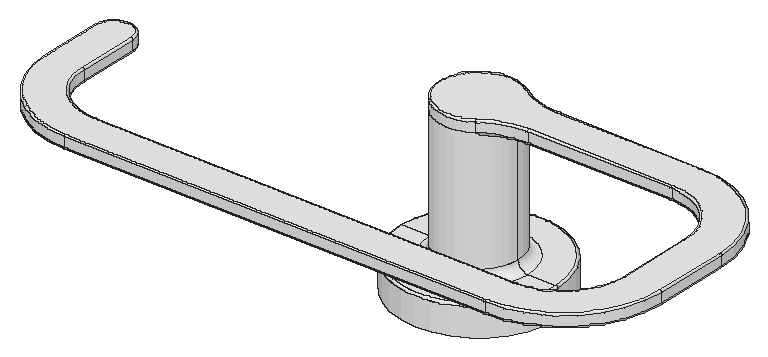
Revit family "xTowel_Ring-American_Standard-Studio_S-7105.190", category Specialty Equipment, host Face, Revit 2014
Parameters (values of type "7105.190")
  Width = 2 3/16"  # constant formula
  Warranty Information = "One Year General Product Warranty"  # constant formula
  URL = "https://www.americanstandard-us.com/"
  Type Comments = ""
  Specification = "Towel Ring shall feature metal construction. Shall feature concealed mounting with no exposed set screws. Towel Ring shall be American Standard Model 7105.190."  # constant formula
  Product Page URL = "https://www.americanstandard-us.com/bathroom/bathroom-accessories/studio-s-towel-ring-32008"
  Product Documentation Link = "https://www.americanstandard-us.com/-/media/sites/asus/files/product-specs/bathroom-accessories/2017/specsheet-7105190.pdf?la=en"
  Price = "Prices may vary. Please consult Manufacturer Representative for most up-to-date price list."  # constant formula
  Model = "7105.190 "  # constant formula
  Material = "Metal-American Standard-002-Polished Chrome"
  Manufacturer = "American Standard"  # constant formula
  Length = 7 3/4"  # constant formula
  Installation Type = "Wall Mount"  # constant formula
  Height = 3 3/16"  # constant formula
  Finish = Metal-American Standard-002-Polished Chrome
  Description = "Studio S Towel Ring"  # constant formula
  Default Elevation = 48"  # constant formula
  Creation Date = "01/04/2018"  # constant formula
  Assembly Code = "C1030220"
Reference planes (in)
  plane 1 "Center (Front/Back)": y = 0
  plane 2: z = 0
  plane 3 "Center (Left/Right)": x = 0
  plane 4: y = -3.1875
  plane 5: x = -1
  plane 6: x = 1
  plane 7: y = 1
  plane 8: y = -1
  plane 9: x = 3.875
  plane 10: x = -3.875
  plane 11: z = 2.1875
  plane 12: y = 0.15625
  plane 13: y = -0.15625
Forms (in)
  Revolve 1, solid, material "Metal-American Standard-002-Polished Chrome" <- "Finish"
    sketch origin (0, 0, 0) x (1, 0, 0) y (0, 0, 1)
      loop
        line (0, 0) -> (0, 2.0986179) -> (-0.5, 2.0986179) -> (-0.5, 0.4993179)
        arc (-0.5, 0.4993179) -> (-0.5366117, 0.4109296) -> (-0.625, 0.3743179) r 0.125
        line (-0.625, 0.3743179) -> (-0.9734903, 0.3743179)
        arc (-0.9734903, 0.3743179) -> (-0.9922355, 0.3665534) -> (-1, 0.3478082) r 0.0265097
        line (-1, 0.3478082) -> (-1, 0) -> (0, 0)
      axis (0, 0) -> (0, 2.0986179)
    angle from 0 to 360
  Sweep 2, solid, material "Metal-American Standard-002-Polished Chrome" <- "Finish"
    path origin (0, 0, 2.1875) x (1, 0, 0) y (0, 1, 0)
      loop
        arc (0.2403932, 0.3398486) -> (-0.4162763, 0) -> (0.2403932, -0.3398486) r 0.4162763
        arc (0.2403932, -0.3398486) -> (0.5148941, -0.2032543) -> (0.8178781, -0.15625) r 1
        line (0.8178781, -0.15625) -> (2.6352539, -0.15625)
        arc (2.6352539, -0.15625) -> (3.2318753, -0.4033787) -> (3.4790039, -1) r 0.84375
        line (3.4790039, -1) -> (3.4790039, -1.9492188)
        arc (3.4790039, -1.9492188) -> (3.2318753, -2.5458401) -> (2.6352539, -2.7929688) r 0.84375
        line (2.6352539, -2.7929688) -> (-2.7027735, -2.7929688)
        arc (-2.7027735, -2.7929688) -> (-3.2516513, -2.5656161) -> (-3.4790039, -2.0167383) r 0.7762304
        line (-3.4790039, -2.0167383) -> (-3.4790039, -1.2421875)
        arc (-3.4790039, -1.2421875) -> (-3.6352539, -1.0859375) -> (-3.7915039, -1.2421875) r 0.15625
        line (-3.7915039, -1.2421875) -> (-3.7915039, -2.0167383)
        arc (-3.7915039, -2.0167383) -> (-3.4726222, -2.786587) -> (-2.7027735, -3.1054688) r 1.0887304
        line (-2.7027735, -3.1054688) -> (2.6352539, -3.1054688)
        arc (2.6352539, -3.1054688) -> (3.4528461, -2.766811) -> (3.7915039, -1.9492188) r 1.15625
        line (3.7915039, -1.9492188) -> (3.7915039, -1)
        arc (3.7915039, -1) -> (3.4528461, -0.1824078) -> (2.6352539, 0.15625) r 1.15625
        line (2.6352539, 0.15625) -> (0.8178781, 0.15625)
        arc (0.8178781, 0.15625) -> (0.5148941, 0.2032543) -> (0.2403932, 0.3398486) r 1
    profile origin (-0.4162763, 0, 2.1875) x (1, 0, 0) y (0, 0, 1)
      loop
        line (0, 0) -> (-0.0616161, 0)
        arc (-0.0616161, 0) -> (-0.0772485, -0.0064752) -> (-0.0837237, -0.0221076) r 0.0221076
        line (-0.0837237, -0.0221076) -> (-0.0837237, -0.1411543)
        arc (-0.0837237, -0.1411543) -> (-0.0764584, -0.1586942) -> (-0.0589185, -0.1659595) r 0.0248052
        line (-0.0589185, -0.1659595) -> (0, -0.1659595) -> (0, 0)
  Extrusion 3, solid, material "Metal-American Standard-002-Polished Chrome" <- "Finish"
    sketch origin (0, 0, 0) x (1, 0, 0) y (0, 1, 0)
      loop
        arc (0.2524118, 0.3695512) -> (-0.4475263, 0) -> (0.2524118, -0.3695512) r 0.4475263
        arc (0.2524118, -0.3695512) -> (0.535378, -0.2330616) -> (0.8460235, -0.1861724) r 1.0524737
        line (0.8460235, -0.1861724) -> (2.6367188, -0.1875)
        arc (2.6367188, -0.1875) -> (3.211243, -0.4254757) -> (3.4492188, -1) r 0.8125
        line (3.4492188, -1) -> (3.4492188, -1.9492188)
        arc (3.4492188, -1.9492188) -> (3.211243, -2.523743) -> (2.6367188, -2.7617188) r 0.8125
        line (2.6367188, -2.7617188) -> (-2.7042383, -2.7617188)
        arc (-2.7042383, -2.7617188) -> (-3.231019, -2.543519) -> (-3.4492187, -2.0167383) r 0.7449804
        line (-3.4492187, -2.0167383) -> (-3.4492187, -1.2421875)
        arc (-3.4492187, -1.2421875) -> (-3.6367187, -1.0546875) -> (-3.8242187, -1.2421875) r 0.1875
        line (-3.8242187, -1.2421875) -> (-3.8242187, -2.0167383)
        arc (-3.8242187, -2.0167383) -> (-3.4961841, -2.8086841) -> (-2.7042383, -3.1367188) r 1.1199804
        line (-2.7042383, -3.1367188) -> (2.6367188, -3.1367188)
        arc (2.6367188, -3.1367188) -> (3.4764081, -2.7889081) -> (3.8242188, -1.9492188) r 1.1875
        line (3.8242188, -1.9492188) -> (3.8242188, -1)
        arc (3.8242188, -1) -> (3.4764081, -0.1603107) -> (2.6367188, 0.1875) r 1.1875
        line (2.6367188, 0.1875) -> (0.8988692, 0.1875)
        arc (0.8988692, 0.1875) -> (0.5607296, 0.2255774) -> (0.2524118, 0.3695512) r 1.0524737
    from 2.0215405 to 2.1875
Cuts and joins
  joined: Revolve 1, Sweep 2, Extrusion 3
Lines and regions (in)
  Masking region 1
    outline origin (0, 0, 0) x (1, 0, 0) y (0, 0, 1)
      loop
        arc (3.875, 2.1673159) -> (3.8690882, 2.1815882) -> (3.8548159, 2.1875) r 0.0201841
        line (3.8548159, 2.1875) -> (-3.8542979, 2.1875)
        arc (-3.8542979, 2.1875) -> (-3.8689365, 2.1814365) -> (-3.875, 2.1667979) r 0.0207021
        line (-3.875, 2.1667979) -> (-3.875, 2.0410791)
        arc (-3.875, 2.0410791) -> (-3.8691264, 2.026899) -> (-3.8549464, 2.0210255) r 0.0200536
        line (-3.8549464, 2.0210255) -> (-0.5, 2.0210255) -> (-0.5, 0.4992296)
        arc (-0.5, 0.4992296) -> (-0.5366117, 0.4108413) -> (-0.625, 0.3742296) r 0.125
        line (-0.625, 0.3742296) -> (-0.9744353, 0.3742296)
        arc (-0.9744353, 0.3742296) -> (-0.9925123, 0.3667419) -> (-1, 0.3486649) r 0.0255647
        line (-1, 0.3486649) -> (-1, 0) -> (1, 0) -> (1, 0.3491933)
        arc (1, 0.3491933) -> (0.992667, 0.3668967) -> (0.9749637, 0.3742296) r 0.0250363
        line (0.9749637, 0.3742296) -> (0.6246699, 0.3742296)
        arc (0.6246699, 0.3742296) -> (0.536515, 0.4107446) -> (0.5, 0.4988995) r 0.1246699
        line (0.5, 0.4988995) -> (0.5, 2.0210255) -> (3.8529543, 2.0210255)
        arc (3.8529543, 2.0210255) -> (3.868543, 2.0274825) -> (3.875, 2.0430712) r 0.0220457
        line (3.875, 2.0430712) -> (3.875, 2.1673159)
  symbolic lines, detail levels medium+fine
    curve 1: line (0.6246699, 0, 0.3742296) -> (-0.625, 0, 0.3742296)
    curve 6: line (-0.5, 0, 2.0210255) -> (-0.5, 0, 2.1644213)
    curve 7: arc (-0.4769213, 0, 2.1875) -> (-0.4932404, 0, 2.1807404) -> (-0.5, 0, 2.1644213) r 0.0230787
  symbolic lines, detail levels fine
    curve 2: line (-3.3951234, 0, 2.0430918) -> (-3.3951234, 0, 2.1654336)
    curve 3: arc (-3.3951234, 0, 2.1654336) -> (-3.401332, 0, 2.1807831) -> (-3.4164659, 0, 2.1875) r 0.0220786
    curve 4: arc (-3.3951234, 0, 2.0430918) -> (-3.401332, 0, 2.0277423) -> (-3.4164659, 0, 2.0210255) r 0.0220786
    curve 5: line (0.5, 0, 2.0210255) -> (0.2889335, 0, 2.0210255)
Dimensions and locks (in)
  "Length": plane 10 to plane 9
  "Height": plane 4 to plane 1 "Center (Front/Back)"
  plane 5 to plane 6 = 2"
  "Width": plane 2 to plane 11
  aligned and locked: plane 2 to host face
  aligned and locked: level to host face
Automatic sketch dimensions
  host sketch curve to host sketch curve = 96"  (x2)
  Sweep 2 sketch curve to Sweep 2 sketch curve = 0"  (x7)
  plane 1 "Center (Front/Back)" to Sweep 2 sketch curve = 0"
  Sweep 2 sketch curve to plane 3 "Center (Left/Right)" = 0"
  Sweep 2 sketch curve to plane 13 = 0"
  Sweep 2 sketch curve to plane 12 = 0"
  plane 8 to Sweep 2 sketch curve = 0"
  Sweep 2 sketch curve to plane 4 = 101/256"
  plane 10 to Sweep 2 sketch curve = 1.17223"
  plane 10 to Sweep 2 sketch curve = 0.396"
  Sweep 2 sketch curve to plane 6 = 0.18212"  (x2)
  Sweep 2 sketch curve to plane 9 = 1.23975"
  Sweep 2 sketch curve to Sweep 2 sketch curve = 27/32"
  plane 8 to Sweep 2 sketch curve = 31/128"
  plane 8 to Sweep 2 sketch curve = 5/32"
  Sweep 2 sketch curve to plane 7 = 5/32"
  Sweep 2 sketch curve to profile plane = 0"
  profile plane to Sweep 2 sketch curve = 0"
  profile plane to Sweep 2 sketch curve = 0.05892"
  Sweep 2 sketch curve to profile plane = 0.02211"
  profile plane to Sweep 2 sketch curve = 0.06162"
  Sweep 2 sketch curve to Sweep 2 sketch curve = 0.11905"
  Extrusion 3 sketch curve to Extrusion 3 sketch curve = 0"  (x8)
  plane 1 "Center (Front/Back)" to Extrusion 3 sketch curve = 0"
  Extrusion 3 sketch curve to plane 3 "Center (Left/Right)" = 0"
  plane 8 to Extrusion 3 sketch curve = 0"
  Extrusion 3 sketch curve to plane 4 = 109/256"
  plane 10 to Extrusion 3 sketch curve = 1.17076"
  plane 10 to Extrusion 3 sketch curve = 109/256"
  Extrusion 3 sketch curve to Extrusion 3 sketch curve = 3/16"
  Extrusion 3 sketch curve to plane 6 = 0.15398"  (x2)
  Extrusion 3 sketch curve to plane 6 = 0.10113"
  plane 1 "Center (Front/Back)" to Extrusion 3 sketch curve = 0.18617"
  Extrusion 3 sketch curve to plane 9 = 1 61/256"  (x2)
  Extrusion 3 sketch curve to plane 1 "Center (Front/Back)" = 3/16"
  plane 8 to Extrusion 3 sketch curve = 31/128"
  plane 8 to Extrusion 3 sketch curve = 0.23865"
  Extrusion 3 sketch curve to plane 7 = 0.23865"
  Revolve 1 sketch curve to plane 5 = 0"
  Revolve 1 sketch curve to level = 0"
  Revolve 1 sketch curve to plane 3 "Center (Left/Right)" = 0"  (x2)
  plane 5 to Revolve 1 sketch curve = 0.02651"
  Revolve 1 sketch curve to Revolve 1 sketch curve = 0.34849"
  Revolve 1 sketch curve to Revolve 1 sketch curve = 1/8"
  level to Revolve 1 sketch curve = 0.34781"
  plane 11 to Revolve 1 sketch curve = 0.08888"
  Revolve 1 sketch curve to plane 11 = 0.18793"
  Revolve 1 sketch curve to Revolve 1 sketch curve = 0.22229"
  Masking region 1 sketch curve to plane 10 = 0"
  Masking region 1 sketch curve to plane 11 = 0"
  Masking region 1 sketch curve to level = 0"
  Masking region 1 sketch curve to plane 5 = 0"
  Masking region 1 sketch curve to plane 6 = 0"
  Masking region 1 sketch curve to plane 9 = 0"
  plane 10 to Masking region 1 sketch curve = 0.02005"
  Masking region 1 sketch curve to Masking region 1 sketch curve = 0.0207"
  plane 5 to Masking region 1 sketch curve = 0.02556"
  Masking region 1 sketch curve to Masking region 1 sketch curve = 0.34944"
  plane 11 to Masking region 1 sketch curve = 0.16647"
  Masking region 1 sketch curve to plane 3 "Center (Left/Right)" = 1/2"
  plane 3 "Center (Left/Right)" to Masking region 1 sketch curve = 1/2"
  Masking region 1 sketch curve to Masking region 1 sketch curve = 0.12467"
  Masking region 1 sketch curve to Masking region 1 sketch curve = 0.02504"
  Masking region 1 sketch curve to Masking region 1 sketch curve = 0.02205"
  Masking region 1 sketch curve to Masking region 1 sketch curve = 0.02018"
  level to Masking region 1 sketch curve = 0.34866"
  level to Masking region 1 sketch curve = 0.34919"
  Masking region 1 sketch curve to Masking region 1 sketch curve = 0.14629"
  curve 3 to plane 11 = 0"
  curve 7 to plane 11 = 0"
  plane 11 to curve 4 = 0.14441"
  plane 10 to curve 4 = 0.4578"
  plane 11 to curve 3 = 0.02207"
  curve 3 to curve 4 = 0"
  curve 3 to curve 2 = 0.02208"
  plane 11 to curve 7 = 0.02308"
  curve 7 to plane 3 "Center (Left/Right)" = 0.47692"
  curve 4 to curve 4 = 0.00074"
  plane 5 to curve 1 = 3/8"
  plane 3 "Center (Left/Right)" to curve 5 = 0.28893"
  curve 5 to curve 5 = 0.21107"
  curve 1 to plane 6 = 0.37533"
  plane 11 to curve 5 = 0.16647"
  curve 6 to curve 7 = 0.1434"
  level to curve 1 = 0.37423"
